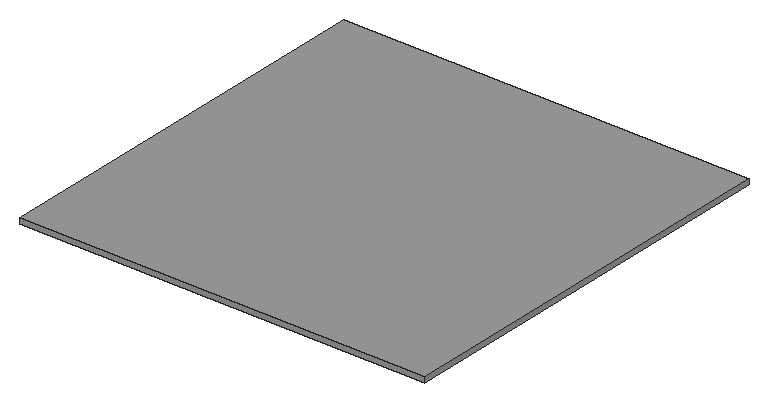
Revit family "WM-MN Suspended Ceiling 50mm Family", category Generic Models, host Ceiling, Revit 2017
Family settings
  Host = Ceiling
  Can host rebar = No
  Round Connector Dimension = Use Diameter
  Part Type = Normal
  Always vertical = Yes
  Cut with Voids When Loaded = No
  Shared = No
  Room Calculation Point = No
Parameters (values of type "Lambdaboard")
  Width = 4000 mm
  URL = "www.rigifoam.com"
  Type Comments = "duncan@rigifoam.com"
  Thermal Resistance = 2.0800 (m²·K)/W
  Thermal Conductivity = 0.0240 W/(m·K)
  Model = "WM/MN Suspended Ceiling 50mm"
  Material = Polyisocyanurate
  Manufacturer = "Lambdaboard"
  Length = 4000 mm
  Description = "Flexible PIR Insulation"
  Depth = 50 mm
  Density = 40.0000 kg/m³
Reference planes
  plane 1 "Center (Front/Back)": y = 0
  plane 2: z = 0
  plane 3 "Center (Left/Right)": x = 0
  plane 4 "Ceiling": z = 4000
Forms (mm)
  Extrusion 1, solid, material "Polyisocyanurate" <- "Material"
    sketch origin (0, 0, 4000) x (0, 1, 0) y (-1, 0, 0)
      loop
        line (2000, 2000) -> (-2000, 2000) -> (-2000, -2000) -> (2000, -2000) -> (2000, 2000)
    from -50 to 0
Dimensions and locks
  equal spacing: host sketch curve, plane 3 "Center (Left/Right)", host sketch curve
  equal spacing: host sketch curve, plane 1 "Center (Front/Back)", host sketch curve
  host sketch curve to host sketch curve = 4000 mm  (x2)
  plane 4 "Ceiling" to host ceiling = 0 mm
  equal spacing: Extrusion 1, plane 3 "Center (Left/Right)", Extrusion 1
  "Length": Extrusion 1 to Extrusion 1
  "Width": Extrusion 1 to Extrusion 1
  "Depth": Extrusion 1 to Extrusion 1
Automatic sketch dimensions
  plane 1 "Center (Front/Back)" to Extrusion 1 sketch curve = 2000 mm
  Extrusion 1 sketch curve to plane 1 "Center (Front/Back)" = 2000 mm
  plane 3 "Center (Left/Right)" to Extrusion 1 sketch curve = 2000 mm
  Extrusion 1 sketch curve to plane 3 "Center (Left/Right)" = 2000 mm
